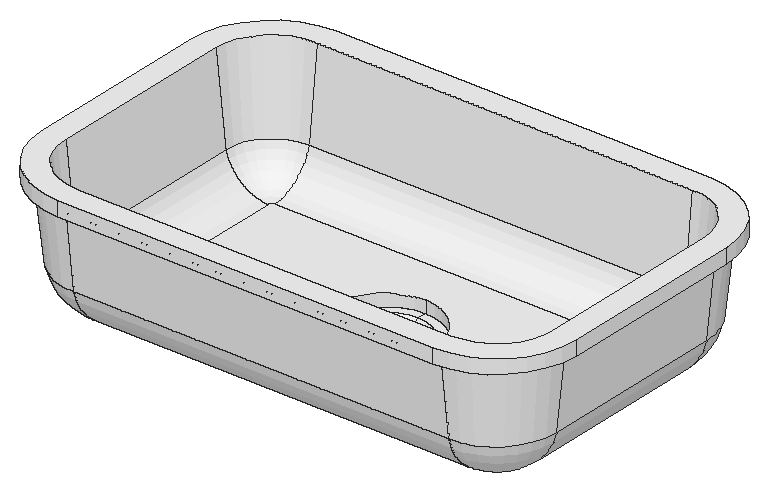
Revit family "Lav-Corian-European-Serenity-7530", category Plumbing Fixtures, host Face, Revit 2015
Parameters (values of type "7530")
  Width = 570 mm
  WFU = 0
  Version = "2015- v1.0a"  # constant formula
  URL = "http://www.corian.uk/-the-complete-residential-surfaces-solutions-"
  Sink Colors Available = "Designer White, Glacier White"
  Product Page URL = "http://www.corian.uk/-bathroom-basins-"
  Model = "Serenity 7530"  # constant formula
  Manufacturer = "DuPont"  # constant formula
  Length = 370 mm
  Interior Width = 520 mm
  Interior Length = 320 mm
  Interior Depth = 130 mm
  HWFU = 0
  Finish = Solid Surface Sink - DuPont - Designer White
  Description = "Bathroom Basin Europe Specification"  # constant formula
  Depth = 177 mm
  Default Elevation = 1219.2 mm
  Cost = 0
  CWFU = 0
Reference planes
  plane 1 "Center (Front/Back)": y = 0
  plane 2: z = 0
  plane 3 "Center (Left/Right)": x = 0
  plane 4: y = 185
  plane 5: y = -185
  plane 6: x = -285
  plane 7: x = 285
  plane 8: z = -142
  plane 9: x = -260
  plane 10: x = 260
  plane 11: y = 160
  plane 12: y = -160
  plane 13 "NAME": z = -12
  plane 14: z = -189
Forms (mm)
  Extrusion 1, void
    sketch origin (0, 0, 0) x (1, 0, 0) y (0, 1, 0)
      loop
        line (200, 160) -> (-200, 160)
        arc (-200, 160) -> (-242.426, 142.426) -> (-260, 100) r 60
        line (-260, 100) -> (-260, -100)
        arc (-260, -100) -> (-242.426, -142.426) -> (-200, -160) r 60
        line (-200, -160) -> (200, -160)
        arc (200, -160) -> (242.426, -142.426) -> (260, -100) r 60
        line (260, -100) -> (260, 100)
        arc (260, 100) -> (242.426, 142.426) -> (200, 160) r 60
    from -189 to 0
  Sweep 2, solid, material "Solid Surface Sink - DuPont - Designer White" <- "Finish"
    path origin (-322.065, -4572, -12) x (-1, 0, 0) y (0, -1, 0)
      loop
        arc (-122.065, -4732) -> (-79.638, -4714.426) -> (-62.065, -4672) r 60
        line (-62.065, -4672) -> (-62.065, -4472)
        arc (-62.065, -4472) -> (-79.638, -4429.574) -> (-122.065, -4412) r 60
        line (-122.065, -4412) -> (-522.065, -4412)
        arc (-522.065, -4412) -> (-564.491, -4429.574) -> (-582.065, -4472) r 60
        line (-582.065, -4472) -> (-582.065, -4672)
        arc (-582.065, -4672) -> (-564.491, -4714.426) -> (-522.065, -4732) r 60
        line (-522.065, -4732) -> (-122.065, -4732)
    profile origin (0, 160, -12) x (0, 1, 0) y (0, 0, 1)
      loop
        line (0, 0) -> (-10.498, -93.396)
        arc (-10.498, -93.396) -> (-27.056, -119.24) -> (-55.801, -130) r 48.579
        line (-55.801, -130) -> (-55.801, -145.008)
        arc (-55.801, -145.008) -> (-17.329, -130.664) -> (4.354, -95.797) r 63.579
        line (4.354, -95.797) -> (12.969, -20.582)
        arc (12.969, -20.582) -> (14.745, -16.622) -> (18.77, -15) r 5.805
        line (18.77, -15) -> (25, -15) -> (25, 0) -> (0, 0)
  Extrusion 3, solid, material "Solid Surface Sink - DuPont - Designer White" <- "Finish"
    sketch origin (-322.065, -4572, -12) x (-1, 0, 0) y (0, -1, 0)
      loop
        line (-117.866, -4672) -> (-117.866, -4472)
        arc (-117.866, -4472) -> (-119.096, -4469.031) -> (-122.065, -4467.801) r 4.199
        line (-122.065, -4467.801) -> (-522.065, -4467.801)
        arc (-522.065, -4467.801) -> (-525.034, -4469.031) -> (-526.264, -4472) r 4.199
        line (-526.264, -4472) -> (-526.264, -4672)
        arc (-526.264, -4672) -> (-525.034, -4674.969) -> (-522.065, -4676.199) r 4.199
        line (-522.065, -4676.199) -> (-122.065, -4676.199)
        arc (-122.065, -4676.199) -> (-119.096, -4674.969) -> (-117.866, -4672) r 4.199
    from -145.008 to -130
  Revolve 4, solid, material "Solid Surface Sink - DuPont - Designer White" <- "Finish"
    sketch origin (0, 0, 0) x (0, 1, 0) y (0, 0, 1)
      loop
        line (0, -142) -> (0, -189) -> (38.691, -189) -> (38.691, -181.757) -> (63.439, -157.008) -> (63.439, -142) -> (0, -142)
      axis (0, -142) -> (0, -189)
    angle from 0 to 360
  Revolve 5, void
    sketch origin (0, 0, 0) x (0, 1, 0) y (0, 0, 1)
      loop
        line (0, -189) -> (24.714, -189) -> (24.714, -181.757) -> (45, -154.835) -> (55, -154.835) -> (55, -142) -> (0, -142) -> (0, -189)
      axis (0, -142) -> (0, -189)
    angle from 0 to 360
Cuts and joins
  Revolve 5 cuts Sweep 2
  Revolve 5 cuts Extrusion 3
  Revolve 5 cuts Revolve 4
  joined: Sweep 2, Extrusion 3, Revolve 4
Lines and regions (mm)
  Masking region 1, detail levels medium+fine
    outline origin (-322.065, -4572, -12) x (-1, 0, 0) y (0, -1, 0)
      loop
        circle (-322.065, -4572) r 45
  Masking region 2
    outline origin (-322.065, -4572, -12) x (-1, 0, 0) y (0, -1, 0)
      loop
        line (-522.065, -4732) -> (-122.065, -4732)
        arc (-122.065, -4732) -> (-79.638, -4714.426) -> (-62.065, -4672) r 60
        line (-62.065, -4672) -> (-62.065, -4472)
        arc (-62.065, -4472) -> (-79.638, -4429.574) -> (-122.065, -4412) r 60
        line (-122.065, -4412) -> (-522.065, -4412)
        arc (-522.065, -4412) -> (-564.491, -4429.574) -> (-582.065, -4472) r 60
        line (-582.065, -4472) -> (-582.065, -4672)
        arc (-582.065, -4672) -> (-564.491, -4714.426) -> (-522.065, -4732) r 60
  Masking region 3, detail levels fine
    outline origin (-322.065, -4572, -12) x (-1, 0, 0) y (0, -1, 0)
      loop
        line (-522.065, -4723.094) -> (-122.065, -4723.094)
        arc (-122.065, -4723.094) -> (-85.936, -4708.129) -> (-70.971, -4672) r 51.094
        line (-70.971, -4672) -> (-70.971, -4472)
        arc (-70.971, -4472) -> (-85.936, -4435.871) -> (-122.065, -4420.906) r 51.094
        line (-122.065, -4420.906) -> (-522.065, -4420.906)
        arc (-522.065, -4420.906) -> (-558.194, -4435.871) -> (-573.159, -4472) r 51.094
        line (-573.159, -4472) -> (-573.159, -4672)
        arc (-573.159, -4672) -> (-558.194, -4708.129) -> (-522.065, -4723.094) r 51.094
Dimensions and locks
  equal spacing: plane 4, plane 1 "Center (Front/Back)", plane 5
  equal spacing: plane 6, plane 3 "Center (Left/Right)", plane 7
  "Length": plane 4 to plane 5
  "Width": plane 6 to plane 7
  equal spacing: plane 9, plane 3 "Center (Left/Right)", plane 10
  equal spacing: plane 11, plane 1 "Center (Front/Back)", plane 12
  "Interior Width": plane 9 to plane 10
  "Interior Length": plane 11 to plane 12
  locked: plane 2 to plane 13 "NAME" at 12
  "Interior Depth": plane 13 "NAME" to plane 8
  plane 9 to Sweep 2 sketch curve to Sweep 2 sketch curve = 60 mm, 0 mm
  Sweep 2 sketch curve to Sweep 2 sketch curve to plane 10 = 0 mm, 60 mm
  plane 11 to Sweep 2 sketch curve to Sweep 2 sketch curve = 60 mm, 0 mm
  Sweep 2 sketch curve to Sweep 2 sketch curve to plane 12 = 0 mm, 60 mm
  plane 4 to Extrusion 3 sketch curve to Extrusion 3 sketch curve to Extrusion 3 sketch curve = 80.801 mm locked, 4.199 mm locked, 0 mm locked
  Extrusion 3 sketch curve to Extrusion 3 sketch curve to Extrusion 3 sketch curve to plane 5 = 0 mm locked, 4.199 mm locked, 80.801 mm locked
  Extrusion 3 sketch curve to Extrusion 3 sketch curve to Extrusion 3 sketch curve to plane 7 = 0 mm locked, 4.199 mm locked, 80.801 mm locked
  plane 6 to Extrusion 3 sketch curve to Extrusion 3 sketch curve to Extrusion 3 sketch curve = 80.801 mm locked, 4.199 mm locked, 0 mm locked
  "Depth": plane 13 "NAME" to plane 14
  locked: plane 8 to cut or joined group of Sweep 2, Extrusion 3, Revolve 4, Revolve 5 at 15.008
  Revolve 4 sketch curve to Revolve 4 sketch curve to plane 1 "Center (Front/Back)" = 24.749 mm locked, 38.691 mm locked
  plane 8 to Revolve 4 sketch curve to Revolve 4 sketch curve = 15.008 mm locked, 24.749 mm locked
  Revolve 5 sketch curve to Revolve 5 sketch curve to Revolve 5 sketch curve to plane 1 "Center (Front/Back)" = 10 mm locked, 20.286 mm locked, 24.714 mm locked
  plane 8 to Revolve 5 sketch curve to Revolve 5 sketch curve = 12.835 mm locked, 26.921 mm locked
  Sweep 2 sketch curve to Sweep 2 sketch curve to Sweep 2 sketch curve to plane 11 to Sweep 2 sketch curve to Sweep 2 sketch curve to Sweep 2 sketch curve = 5.801 mm locked, 8.615 mm locked, 4.354 mm locked, 0 mm locked, 10.498 mm locked, 45.303 mm locked
  Sweep 2 sketch curve to plane 8 to Sweep 2 sketch curve = 0 mm, 15.008 mm
  plane 13 "NAME" to Sweep 2 sketch curve to Sweep 2 sketch curve to Sweep 2 sketch curve to Sweep 2 sketch curve = 15 mm locked, 5.582 mm locked, 72.814 mm locked, 2.401 mm locked
  Sweep 2 sketch curve to plane 1 "Center (Front/Back)" = 104.199 mm
  aligned and locked: plane 2 to host face
  aligned and locked: level to host face
  aligned and locked: level to Extrusion 1
  aligned and locked: plane 13 "NAME" to Sweep 2 sketch curve  (x2)
  aligned and locked: Sweep 2 sketch curve to plane 11
  aligned and locked: plane 12 to Sweep 2 sketch curve
  aligned and locked: plane 9 to Sweep 2 sketch curve
  aligned and locked: Sweep 2 sketch curve to plane 10
  aligned and locked: plane 4 to Sweep 2 sketch curve
  aligned and locked: Extrusion 1 to plane 14
  aligned and locked: plane 8 to cut or joined group of Sweep 2, Extrusion 3, Revolve 4, Revolve 5
  aligned and locked: Extrusion 1 sketch curve to plane 12
  aligned and locked: plane 10 to Extrusion 1 sketch curve
  aligned and locked: plane 11 to Extrusion 1 sketch curve
  aligned and locked: Extrusion 1 sketch curve to plane 9
  aligned and locked: plane 8 to Revolve 4 sketch curve  (x2)
  aligned and locked: plane 14 to Revolve 4 sketch curve
  aligned and locked: Revolve 4 sketch curve to plane 1 "Center (Front/Back)"
  aligned and locked: plane 1 "Center (Front/Back)" to Revolve 4 sketch curve
  aligned and locked: Revolve 4 sketch curve to plane 14
  aligned and locked: Revolve 5 sketch curve to plane 1 "Center (Front/Back)"
  aligned and locked: plane 8 to Revolve 5 sketch curve  (x2)
  aligned and locked: plane 14 to Revolve 5 sketch curve
  aligned and locked: plane 1 "Center (Front/Back)" to Revolve 5 sketch curve
  aligned and locked: Revolve 5 sketch curve to plane 14
Automatic sketch dimensions
  host sketch curve to host sketch curve = 2438.4 mm  (x2)
  plane 9 to Extrusion 1 sketch curve = 60 mm
  Extrusion 1 sketch curve to Extrusion 1 sketch curve = 60 mm  (x2)
  plane 12 to Extrusion 1 sketch curve = 60 mm
  Masking region 1 sketch curve to Masking region 1 sketch curve = 0 mm  (x2)
  Masking region 1 sketch curve to plane 3 "Center (Left/Right)" = 0 mm
  plane 1 "Center (Front/Back)" to Masking region 1 sketch curve = 0 mm
  Masking region 1 sketch curve to plane 1 "Center (Front/Back)" = 45 mm
  Masking region 2 sketch curve to plane 10 = 0 mm
  Masking region 2 sketch curve to plane 12 = 0 mm
  Masking region 2 sketch curve to plane 11 = 0 mm
  Masking region 2 sketch curve to plane 9 = 0 mm
  Masking region 2 sketch curve to plane 10 = 60 mm
  Masking region 2 sketch curve to Masking region 2 sketch curve = 60 mm  (x2)
  plane 9 to Masking region 2 sketch curve = 60 mm
  Masking region 3 sketch curve to plane 10 = 8.906 mm
  plane 12 to Masking region 3 sketch curve = 8.906 mm
  Masking region 3 sketch curve to plane 11 = 8.906 mm
  plane 9 to Masking region 3 sketch curve = 8.906 mm
  Masking region 3 sketch curve to plane 10 = 60 mm
  Masking region 3 sketch curve to Masking region 3 sketch curve = 51.094 mm  (x2)
  plane 9 to Masking region 3 sketch curve = 60 mm
  Sweep 2 sketch curve to Sweep 2 sketch curve = 0 mm  (x2)
Connectors
  piping at (0, 0, -189), diameter 90
    settings: on cut or joined group of Sweep 2, Extrusion 3, Revolve 4, Revolve 5, index 1, connector inside diameter 24", connector length 0 mm, flow factor 0, pipe flow 0 GPM, pressure drop 0.00 psi, fitting loss kfactor 0, connector angle 0.00°, fixture units 0, engagement length 0 mm, angle of deflection 0.00°, flow configuration 0, flow direction 2, fitting loss method 0, system type 16, joint type 0, gender type 0, connector reference index -1, connector utility 0, adjustable connector no, is connector primary yes, connector description "Drain"
